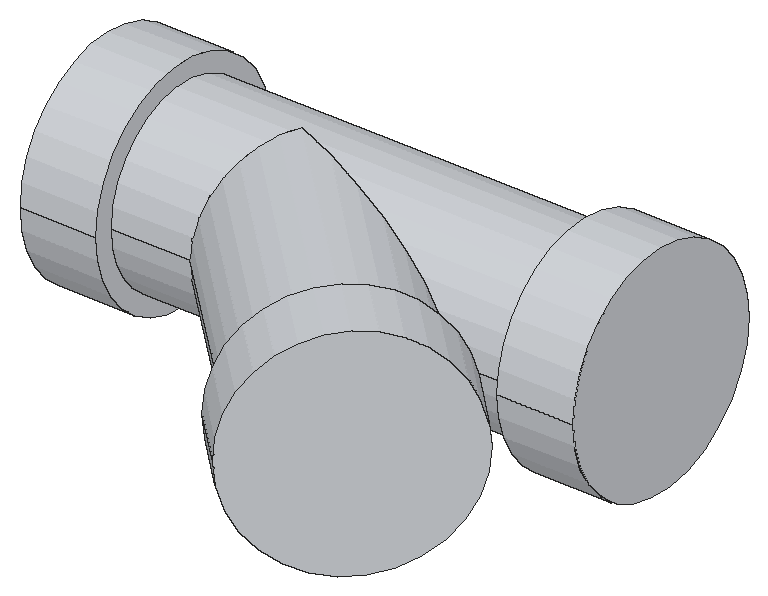
Revit family "b48f1f251c284d5fa54f6432b30e9754", category Pipe Fittings, Revit 2021
Family settings
  Round Connector Dimension = Use Radius
  Part Type = Wye
  OmniClass Number = 23.60.30.11.14
  OmniClass Title = Pipework Fittings
  Seek Item ID = Wye 45 Deg - PVC - Sch 40 - DWV-0000-USA-ENU
  Work Plane-Based = No
  Always vertical = Yes
  Cut with Voids When Loaded = No
  Shared = No
Parameters (values of type "Standard")
  Loss Method = Not Defined
  Lookup Table Name = "Wye 45 Deg - PVC - Sch 40 - DWV"
  Default Elevation = 0' - 0"
  Center to Socket Bottom Label [instance] = if(Angle > 90.00°, Socket Bottom to Socket Bottom Run - Center to Socket Bottom Run, if(Center to Socket Bottom Branch * tan(Angle 1 / 2) > Socket Outside Radius, Socket Bottom to Socket Bottom Run - Center to Socket Bottom Run, Socket Outside Radius / tan(Angle 1 / 2)))  # 2 9/16"
  Wall Thickness [instance] = size_lookup(Lookup Table Name, "WThk", 0.02 * Nominal Diameter + 33/256", Nominal Diameter)  # 0.156"
  Tick Size [instance] = Fitting Outside Diameter * 0.4  # 0.664"
  Socket Outside Radius [instance] = Socket Outside Diameter / 2  # 0.9935"
  Socket Outside Diameter [instance] = Socket Entrance Diameter + Wall Thickness * 2  # 1.987"
  Socket Entrance Diameter [instance] = size_lookup(Lookup Table Name, "SED", 1.04 * Nominal Diameter + 95/256", Nominal Diameter)  # 1.675"
  Socket Depth [instance] = size_lookup(Lookup Table Name, "SDpt", 0.48 * Nominal Diameter + 5/256", Nominal Diameter)  # 0.687"
  Socket Bottom to Socket Bottom Run [instance] = size_lookup(Lookup Table Name, "SBtSBR", 1.46 * Nominal Diameter + 2", Nominal Diameter)  # 3 5/8"
  Nominal Radius [instance] = 5/8"
  Nominal Diameter [instance] = Nominal Radius * 2  # 1 1/4"
  Fitting Outside Radius [instance] = Fitting Outside Diameter / 2  # 0.83"
  Fitting Outside Diameter [instance] = size_lookup(Lookup Table Name, "FOD", 1.04 * Nominal Diameter + 23/64", Nominal Diameter)  # 1.66"
  Center to Socket Bottom Run Label [instance] = if(Angle < 90.00°, Center to Socket Bottom Run, if(and(Angle > 135.00°, Center to Socket Bottom Branch * tan(Angle 1 / 2) > Socket Outside Radius), Center to Socket Bottom Run, Socket Outside Radius / tan(Angle 1 / 2)))  # 1 1/16"
  Center to Socket Bottom Run [instance] = size_lookup(Lookup Table Name, "CtSBR", 0.2 * Nominal Diameter + 223/256", Nominal Diameter)  # 1 1/16"
  Center to Socket Bottom Branch Label [instance] = if(Center to Socket Bottom Branch * tan(Angle 1 / 2) > Socket Outside Radius, Center to Socket Bottom Branch, Socket Outside Radius / tan(Angle 1 / 2))  # 2 9/16"
  Center to Socket Bottom Branch [instance] = size_lookup(Lookup Table Name, "CtSBB", 1.26 * Nominal Diameter + 1 33/256", Nominal Diameter)  # 2 9/16"
  Angle 1 [instance] = if(Angle > 90.00°, 180.00° - Angle, Angle)  # 45.00°
  Angle [instance] = 45.00°
Reference planes (in)
  plane 1 "Center (Front/Back)": y = 0
  plane 2: z = 0
  plane 3 "Center (Left/Right)": x = 0
  plane 4: x = -1.7495
  plane 5: x = -1.0625
  plane 6: x = 3.2495
  plane 7: x = 2.5625
Forms (in)
  Sweep 1, solid, detail levels fine
    path in 3D
      loop
        line (-1.0625, 0, 0) -> (-1.7495, 0, 0)
    profile origin (-1.406, 0, 0) x (0, -1, 0) y (0, 0, 1)
      loop
        circle (0, 0) r 0.9935
  Sweep 2, solid, detail levels fine
    path in 3D
      loop
        line (-1.0625, 0, 0) -> (2.5625, 0, 0)
    profile origin (0.75, 0, 0) x (0, 1, 0) y (0, 0, 1)
      loop
        circle (0, 0) r 0.83
  Sweep 3, solid, detail levels fine
    path in 3D
      loop
        line (2.5625, 0, 0) -> (3.2495, 0, 0)
    profile origin (2.906, 0, 0) x (0, 1, 0) y (0, 0, 1)
      loop
        circle (0, 0) r 0.9935
  Sweep 4, solid, detail levels fine
    path in 3D
      loop
        line (0, 0, 0) -> (1.81196, -1.81196, 0)
    profile origin (0.90598, -0.90598, 0) x (0.707107, 0.707107, 0) y (0, 0, 1)
      loop
        circle (0, 0) r 0.83
  Sweep 5, solid, detail levels fine
    path in 3D
      loop
        line (1.81196, -1.81196, 0) -> (2.29774, -2.29774, 0)
    profile origin (2.05485, -2.05485, 0) x (0.707107, 0.707107, 0) y (0, 0, 1)
      loop
        circle (0, 0) r 0.9935
Cuts and joins
  joined: Sweep 1, Sweep 2, Sweep 3, Sweep 4, Sweep 5
Lines and regions (in)
  model lines, detail levels coarse+medium
    curve 1: line (-1.0625, 0, 0) -> (2.5625, 0, 0)
    curve 2: line (-1.0625, 0, 0) -> (-1.7495, 0, 0)
    curve 3: line (2.5625, 0, 0) -> (3.2495, 0, 0)
    curve 4: line (0, 0, 0) -> (1.81196, -1.81196, 0)
    curve 5: line (1.81196, -1.81196, 0) -> (2.29774, -2.29774, 0)
    curve 11: line (-1.7495, 0, 0) -> (-1.7495, 0.664, 0)
    curve 12: line (-1.7495, 0, 0) -> (-1.7495, -0.664, 0)
    curve 13: line (3.2495, 0, 0) -> (3.2495, 0.664, 0)
    curve 14: line (3.2495, 0, 0) -> (3.2495, -0.664, 0)
    curve 15: line (2.29774, -2.29774, 0) -> (2.76726, -1.82822, 0)
    curve 16: line (2.29774, -2.29774, 0) -> (1.82822, -2.76726, 0)
  sketch lines
    curve 6: line (-1.0625, 0, 0) -> (-1.7495, 0, 0)
    curve 7: line (-1.0625, 0, 0) -> (2.5625, 0, 0)
    curve 8: line (2.5625, 0, 0) -> (3.2495, 0, 0)
    curve 9: line (0, 0, 0) -> (1.81196, -1.81196, 0)
    curve 10: line (1.81196, -1.81196, 0) -> (2.29774, -2.29774, 0)
  reference lines
    curve 17: line (-1.7495, 0, 0) -> (-1.0625, 0, 0)
    curve 18: line (3.2495, 0, 0) -> (2.5625, 0, 0)
    curve 19: line (0, 0, 0) -> (1.81196, -1.81196, 0)
    curve 20: line (1.81196, -1.81196, 0) -> (2.29774, -2.29774, 0)
    curve 21: line (2.29774, -2.29774, 0) -> (1.81196, -1.81196, 0)
Dimensions and locks (in)
  "Center to Socket Bottom Run Label": curve 1 to plane 3 "Center (Left/Right)"
  "Center to Socket Bottom Label": plane 3 "Center (Left/Right)" to curve 1
  "Socket Depth": curve 2 to curve 2
  "Socket Depth": curve 3 to curve 3
  "Center to Socket Bottom Branch Label": curve 4 to curve 4
  "Socket Depth": curve 5 to curve 5
  "Tick Size": curve 11 to curve 11
  "Tick Size": curve 12 to curve 12
  "Tick Size": curve 13 to curve 13
  "Tick Size": curve 14 to curve 14
  "Tick Size": curve 15 to curve 15
  "Tick Size": curve 16 to curve 16
  "Center to Socket Bottom Run Label": plane 5 to plane 3 "Center (Left/Right)"
  "Socket Depth": plane 4 to plane 5
  "Center to Socket Bottom Label": plane 3 "Center (Left/Right)" to plane 7
  "Socket Depth": plane 7 to plane 6
  "Center to Socket Bottom Branch Label": curve 19 to curve 20
  "Socket Depth": curve 20 to curve 20
  "Socket Outside Radius": radius of Sweep 1 sketch curve
  "Fitting Outside Radius": radius of Sweep 2 sketch curve
  "Socket Outside Radius": radius of Sweep 3 sketch curve
  "Fitting Outside Radius": radius of Sweep 4 sketch curve
  "Socket Outside Radius": radius of Sweep 5 sketch curve
  "Angle": angle curve 4 to curve 1
  "Angle": angle curve 5 to curve 1
  angle curve 1 to curve 11 = 90.00°
  angle curve 12 to curve 1 = 90.00°
  angle curve 13 to curve 1 = 90.00°
  angle curve 1 to curve 14 = 90.00°
  angle curve 15 to curve 4 = 90.00°
  angle curve 4 to curve 16 = 90.00°
  "Angle": angle curve 19 to plane 1 "Center (Front/Back)"
  "Angle": angle curve 20 to plane 1 "Center (Front/Back)"
  "Angle": angle curve 21 to plane 1 "Center (Front/Back)"
  aligned and locked: plane 1 "Center (Front/Back)" to curve 1
  aligned and locked: plane 3 "Center (Left/Right)" to curve 4
  aligned and locked: plane 1 "Center (Front/Back)" to curve 4
  aligned and locked: plane 1 "Center (Front/Back)" to Sweep 1 sketch curve
  aligned and locked: plane 2 to Sweep 1 sketch curve
  aligned and locked: plane 1 "Center (Front/Back)" to Sweep 2 sketch curve
  aligned and locked: plane 2 to Sweep 2 sketch curve
  aligned and locked: plane 2 to Sweep 4 sketch curve
  aligned and locked: plane 2 to Sweep 5 sketch curve
  aligned and locked: plane 4 to curve 17
  aligned and locked: plane 1 "Center (Front/Back)" to curve 17
  aligned and locked: plane 6 to curve 18
  aligned and locked: curve 18 to plane 1 "Center (Front/Back)"
  aligned and locked: plane 1 "Center (Front/Back)" to curve 19
  aligned and locked: plane 3 "Center (Left/Right)" to curve 19
  aligned: plane 1 "Center (Front/Back)" to cut or joined group of Sweep 1, Sweep 2, Sweep 3, Sweep 4, Sweep 5
Automatic sketch dimensions
  Sweep 3 sketch curve to profile plane = 0' - 0"  (x2)
  Sweep 4 sketch curve to profile plane = 0' - 0"
  Sweep 5 sketch curve to profile plane = 0' - 0"
  curve 17 to plane 5 = 0' - 0"
  curve 18 to plane 7 = 0' - 0"
Connectors (in)
  piping at (-1.7495, 0, 0), diameter 1.25, driven by "Nominal Radius"
    settings: on cut or joined group of Sweep 1, Sweep 2, Sweep 3, Sweep 4, Sweep 5, index 1, connector inside diameter 1 1/4", connector length 0' - 0", flow factor 0, pipe flow 0 GPM, pressure drop 0.00 psi, fitting loss kfactor 0, connector angle 0.00°, fixture units 0, engagement length 0' - 0", angle of deflection 0.00°, flow configuration 0, flow direction 0, fitting loss method 0, system type 28, joint type 0, gender type 0, connector reference index 2, connector utility 0, adjustable connector no, is connector primary yes, connector description ""
  piping at (3.2495, 0, 0), diameter 1.25, driven by "Nominal Radius"
    settings: on cut or joined group of Sweep 1, Sweep 2, Sweep 3, Sweep 4, Sweep 5, index 2, connector inside diameter 1 1/4", connector length 0' - 0", flow factor 0, pipe flow 0 GPM, pressure drop 0.00 psi, fitting loss kfactor 0, connector angle 0.00°, fixture units 0, engagement length 0' - 0", angle of deflection 0.00°, flow configuration 0, flow direction 0, fitting loss method 0, system type 28, joint type 0, gender type 0, connector reference index 1, connector utility 0, adjustable connector no, is connector primary no, connector description ""
  piping at (2.29774, -2.29774, 0), diameter 1.25, driven by "Nominal Radius", driven by "Angle"
    settings: on cut or joined group of Sweep 1, Sweep 2, Sweep 3, Sweep 4, Sweep 5, index 3, connector inside diameter 1 1/4", connector length 0' - 0", flow factor 0, pipe flow 0 GPM, pressure drop 0.00 psi, fitting loss kfactor 0, connector angle 45.00°, fixture units 0, engagement length 0' - 0", angle of deflection 0.00°, flow configuration 0, flow direction 0, fitting loss method 0, system type 28, joint type 0, gender type 0, connector reference index -1, connector utility 0, adjustable connector no, is connector primary no, connector description ""
